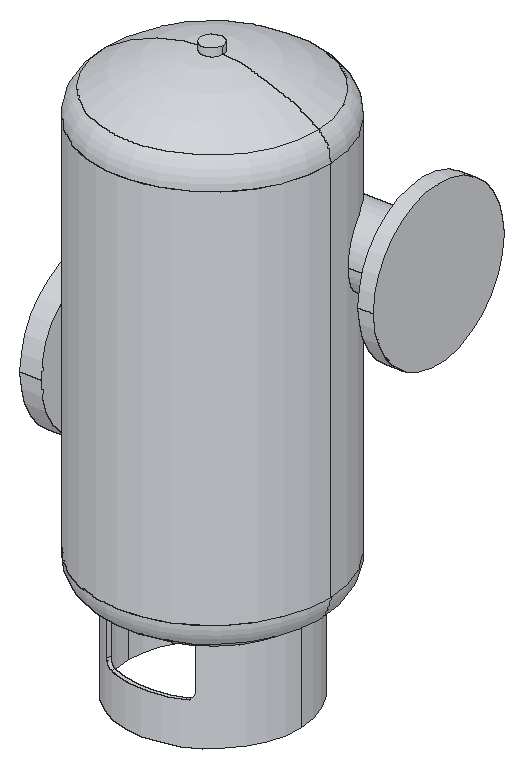
Revit family
Parameters (values of type "5-AS-L 125# W.P.")
  Weight = "145 lbs"
  Top to Inlet = 11.250"
  Top Connection Radius = 0.375"
  Top Connection Diameter = Top Connection Radius * 2  # 0.750"
  Tank Height = 39.125"
  Tangential = yes
  Tank Height Less Stand = 34.500"
  Tank Diameter = 16.000"
  Pipe Location off CL = 4.188"
  Outlet Pipe Flange Conn. Radius = Outlet Pipe Flange Conn / 2  # 2.500"
  Outlet Pipe Flange Conn = 5.000"
  Nipple Connection Radius = 2.000"
  Model = "5\"-AS-L"
  Pressure Drop = ".52"
  Max Operating Temp = "350 DEG F"
  Max Operating Pressure = "125 PSI"
  Manufacturer = "Amtrol"
  Inlet CL to Outlet CL = 12.000"
  Inlet Pipe Flange Conn = 5.000"
  Inlet Pipe Flange Conn. Radius = Inlet Pipe Flange Conn / 2  # 2.500"
  Flow (GPM) = "375"
  Flange to Flange Height = 24.000"
  CL to Outlet Flange = 12.000"
  Bottom Connection Radius = Bottom Connection Diameter / 2  # 0.375"
  Bottom Connection Diameter = 0.750"
  ASME = yes
Types (5): name | Max Operating Pressure
  (no name) | "125 PSI"
  5-AS-L 125# W.P. | "125 PSI"
  5-AS-L 150# W.P. 10 BAR | "150 PSI"
  5-AS-L 175# W.P. | "175 PSI"
  5-AS-L 250# W.P. | "250 PSI"
Reference planes (in)
  plane 1 "Center (Front/Back)": y = 0
  plane 2: z = 0
  plane 3 "Center (Left/Right)": x = 0
Forms (in)
  Revolve 1, solid
    sketch origin (0, 0, 0) x (1, 0, 0) y (0, 0, 1)
      loop
        line (0, 35.00001) -> (0, 0.50001)
        arc (0, 0.50001) -> (3.79165, 1.10925) -> (7.19668, 2.88509) r 12
        arc (7.19668, 2.88509) -> (7.78793, 3.59129) -> (8, 4.48757) r 2
        line (8, 4.48757) -> (8, 30.85095)
        arc (8, 30.85095) -> (7.83378, 31.84992) -> (7.19951, 32.63941) r 2
        arc (7.19951, 32.63941) -> (3.79095, 34.40283) -> (0, 35.00001) r 12
      axis (0, 0.50001) -> (0, 35.00001)
    angle from 0 to 360
  Extrusion 2, solid
    sketch origin (0, 0, 4.33383) x (0, 1, 0) y (0, 0, 1)
      loop
        circle (4.188, 19.41333) r 2.5
    from 2.04863 to 10.9375
  Extrusion 3, solid
    sketch origin (0, 0, 8.25512) x (0, 1, 0) y (0, 0, 1)
      loop
        circle (4.188, 15.49203) r 5.5
    from 10.9375 to 12
  Extrusion 4, solid
    sketch origin (0, 0, 0.63219) x (0, 1, 0) y (0, 0, 1)
      loop
        circle (4.188, 11.11497) r 5.5
    from -10.5625 to -12
  Sweep 5, solid
    path origin (-0.02352, 0, 11.81565) x (1, 0, 0) y (0, 0, 1)
      loop
        line (0, 23.1815) -> (0, 23.6875)
    profile origin (-0.02352, 0, 35.25015) x (-1, 0, 0) y (0, -1, 0)
      loop
        circle (0, 0) r 0.75
  Sweep 6, solid
    path origin (0, 0, 0) x (1, 0, 0) y (0, 0, 1)
      loop
        line (0, 0) -> (0, 0.5538)
    profile origin (0, 0, 0.2769) x (-1, 0, 0) y (0, -1, 0)
      loop
        circle (0, 0) r 0.75
  Extrusion 7, solid
    sketch origin (0, 0, 0) x (1, 0, 0) y (0, 1, 0)
      loop
        circle (0, 0) r 6
      loop
        circle (0, 0) r 5.75
    from 2.75832 to -4.11838
  Extrusion 8, void
    sketch origin (0, 0, 0) x (1, 0, 0) y (0, 0, 1)
      loop
        line (-3, 2.75832) -> (-3, -0.74168)
        arc (-3, -0.74168) -> (-2.85355, -1.09523) -> (-2.5, -1.24168) r 0.5
        line (-2.5, -1.24168) -> (2.5, -1.24168)
        arc (2.5, -1.24168) -> (2.85355, -1.09523) -> (3, -0.74168) r 0.5
        line (3, -0.74168) -> (3, 2.75832) -> (-3, 2.75832)
    from 4.41095 to 7.06958
  Extrusion 9, solid
    sketch origin (0, 0, 0) x (0, 1, 0) y (0, 0, 1)
      loop
        circle (4.188, 11.74715) r 2.5
    from -10.5625 to 0
Cuts and joins
  Extrusion 8 cuts Sweep 6
  Extrusion 8 cuts Extrusion 7
Text (in)
  text "INLET" at (16.37004, 0, 24.72974), in view "Front"
  text "OUTLET" at (-25.37188, 0, 12.35504), in view "Front"
Dimensions and locks (in)
  "Pipe Location off CL": plane 1 "Center (Front/Back)" to Extrusion 2 sketch curve
  "Pipe Location off CL": Extrusion 4 sketch curve to plane 1 "Center (Front/Back)"
  "Pipe Location off CL": Extrusion 3 sketch curve to plane 1 "Center (Front/Back)"
  "CL to Outlet Flange": Extrusion 4 to plane 3 "Center (Left/Right)"
  "Tank Height Less Stand": Revolve 1 sketch curve to Revolve 1 sketch curve
  Revolve 1 sketch curve to level = 0.50001"
  Revolve 1 sketch curve to plane 3 "Center (Left/Right)" = 8.000"
  "Top to Inlet": Sweep 5 to Extrusion 3 sketch curve
  "Top to Inlet": Sweep 5 to Extrusion 2 sketch curve
  locked: Sweep 5 to Extrusion 4 sketch curve at 23.25
  "Pipe Location off CL": Extrusion 9 sketch curve to plane 1 "Center (Front/Back)"
  locked: Sweep 5 to Extrusion 9 sketch curve at 23.25
  radius of Revolve 1 sketch curve = 12.000"  (x2)
  radius of Revolve 1 sketch curve = 2.000"  (x2)
  aligned and locked: Revolve 1 sketch curve to plane 3 "Center (Left/Right)"
  aligned and locked: Extrusion 2 to Extrusion 3
  aligned and locked: plane 3 "Center (Left/Right)" to Extrusion 9
Automatic sketch dimensions
  Sweep 5 sketch curve to plane 3 "Center (Left/Right)" = 0.02352"
  level to Sweep 5 sketch curve = 34.99715"
  Sweep 5 sketch curve to Sweep 5 sketch curve = 0.506"
  plane 1 "Center (Front/Back)" to Sweep 5 sketch curve = 0.000"
  Sweep 5 sketch curve to profile plane = 0.000"
  Sweep 6 sketch curve to plane 3 "Center (Left/Right)" = 0.000"
  Sweep 6 sketch curve to level = 0.000"
  level to Sweep 6 sketch curve = 0.5538"
  plane 1 "Center (Front/Back)" to Sweep 6 sketch curve = 0.000"
  Sweep 6 sketch curve to profile plane = 0.000"
  Revolve 1 sketch curve to plane 3 "Center (Left/Right)" = 0.000"
  plane 3 "Center (Left/Right)" to Revolve 1 sketch curve = 0.0166"
  plane 3 "Center (Left/Right)" to Revolve 1 sketch curve = 0.0522"
  Revolve 1 sketch curve to Revolve 1 sketch curve = 1.99171"
  Revolve 1 sketch curve to Revolve 1 sketch curve = 0.80332"
  Revolve 1 sketch curve to Revolve 1 sketch curve = 0.80049"
  Revolve 1 sketch curve to Revolve 1 sketch curve = 0.000"
  Revolve 1 sketch curve to Revolve 1 sketch curve = 9.500"
  Extrusion 7 sketch curve to Extrusion 7 sketch curve = 0.000"  (x2)
  plane 1 "Center (Front/Back)" to Extrusion 7 sketch curve = 0.000"
  Extrusion 7 sketch curve to plane 3 "Center (Left/Right)" = 0.000"
  Extrusion 8 sketch curve to plane 3 "Center (Left/Right)" = 3.000"
  Extrusion 8 sketch curve to Extrusion 8 sketch curve = 0.500"  (x2)
  Extrusion 8 sketch curve to level = 0.74168"
  plane 3 "Center (Left/Right)" to Extrusion 8 sketch curve = 2.500"
  level to Extrusion 8 sketch curve = 2.75832"
  radius of Extrusion 2 sketch curve = 2.500"
  radius of Extrusion 3 sketch curve = 5.500"
  radius of Extrusion 4 sketch curve = 5.500"
  radius of Sweep 5 sketch curve = 0.750"
  radius of Sweep 6 sketch curve = 0.750"
  radius of Extrusion 7 sketch curve = 6.000"
  radius of Extrusion 7 sketch curve = 5.750"
  radius of Extrusion 9 sketch curve = 2.500"
Connectors (in)
  piping at (-0.02352, 0, 35.50315), driven by "Top Connection Radius"
    settings: on Sweep 5, index 3
  piping at (-12, 4.188, 11.74715), driven by "Outlet Pipe Flange Conn. Radius"
    settings: on Extrusion 4, index 4
  piping at (0, 0, 0), driven by "Bottom Connection Radius"
    settings: on Sweep 6, index 5
  piping at (12, 4.188, 23.74715), driven by "Inlet Pipe Flange Conn. Radius"
    settings: on Extrusion 3, index 6
